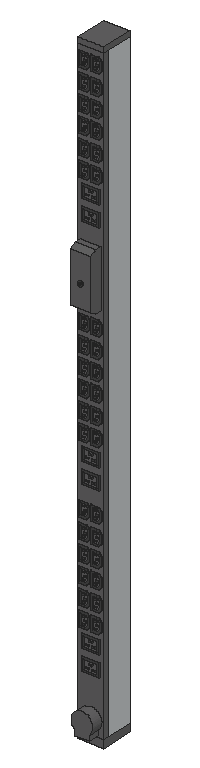
Revit family "PDU básico con amperímetro", category Installations électriques, Revit 2020
Family settings
  Conserver l'orientation des annotations = Non
  Cote de connecteur circulaire = Utiliser le diamètre
  Type d'élément = Normal
  Numéro OmniClass = 23.80.00.00
  Titre OmniClass = Electric Power and Lighting
  Basée sur le plan de construction = Non
  Toujours verticalement = Oui
  Couper avec des vides une fois chargée = Non
  Partagée = Non
  Point de calcul de pièce = Non
Parameters (values of type "PDU HD 0U LPM 3P 16A 36xC13+6xC19")
  Tipo de tensión = "AC"  # constant formula
  Tipo de conexión eléctrica = "CEE 16 A"
  Sección de cable MIN_MAX = "2.5-2.5"
  Programación = "Non applicable"
  Profundidad (mm) = 92.4 mm
  Profondeur cuve + capot = 65 mm
  Prise_alimentation = Alimentation : Prise rotative
  Número de tomas C19 = 6
  Número de tomas C13 = 36
  Número de pieza Legrand = "LG-646970"
  Número de fases = 3
  Número de disyuntores = 0
  Numero RAL = "9017"  # constant formula
  Marcaje = yes
  Longitud = 1248 mm
  IP = "IP20"
  Función = "Unidad DE DISTRIBUTION D'ENERGIE"  # constant formula
  Frecuencia eléctrica = "50-50"  # constant formula
  Formulación BIM = "Linkeo DATA CENTER BASIC PDU"  # constant formula
  Fabricant = "LEGRAND"  # constant formula
  Elévation par défaut = 0 mm
  EAN = "3414972471442"
  E-catalogo enlace = "https://www.legrand.fr/reference/646970/pro"
  Dirección de montaje = "Vertical"
  Description = "PDU HD BASIC 0U LPM 3 PHASE 16A , 36+6 C13/C19  LOCKING OUTLETS , IEC 60309"
  Corriente de alimentación = "16-16"
  Consumo pasivo = 71 mA
  Conectable con internet box = no
  Color = "Negro"  # constant formula
  Clase de aplicación = "EC002762"  # constant formula
  Anchura (mm) = 52 mm
  646170 = yes
  646166 = no
Types (2, lengths in mm): name | Tipo de conexión eléctrica | Sección de cable MIN_MAX | Profundidad (mm) | Profondeur cuve + capot | Número de tomas C19 | Número de tomas C13 | Número de pieza Legrand | Número de fases | Número de disyuntores | Longitud | EAN | E-catalogo enlace | Description | Corriente de alimentación | Consumo pasivo | Anchura (mm) | 646170 | 646166
  PDU 0U LPM 1P 32A 20xC13+4xC19 | "CEE 32 A" | "6-6" | 84.9 | 57.8 | 4 | 20 | "LG-646966" | 1 | 2 | 1227 | "3414972471435" | "https://www.legrand.fr/reference/646966/pro" | "PDU BASIC 0U LPM 1 PHASE 32A , 20+4 C13/C19 LOCKING OUTLETS , IEC 60309" | "32-32" | 37 mA | 44.3 | no | yes
  PDU HD 0U LPM 3P 16A 36xC13+6xC19 | "CEE 16 A" | "2.5-2.5" | 92.4 | 65 | 6 | 36 | "LG-646970" | 3 | 0 | 1248 | "3414972471442" | "https://www.legrand.fr/reference/646970/pro" | "PDU HD BASIC 0U LPM 3 PHASE 16A , 36+6 C13/C19  LOCKING OUTLETS , IEC 60309" | "16-16" | 71 mA | 52 | yes | no
Reference planes
  plane 1 "Centre (avant/arrière)": y = 0
  plane 2: z = 0
  plane 3 "Centre (gauche/droite)": x = 0
  plane 4: x = -26
  plane 5: x = 26
  plane 6: y = -65
  plane 7: z = 1248
  plane 8: y = -55
  plane 9: z = 1237
  plane 10: z = 15
Forms (mm)
  Extrusion 1, solid, material "LEGRAND - Noir 9017"
    sketch origin (0, 0, 0) x (1, 0, 0) y (0, 1, 0)
      loop
        line (-26, 0) -> (-26, -65) -> (26, -65) -> (26, 0) -> (-26, 0)
    from 0 to 15
  Extrusion 2, solid, material "LEGRAND - Inox"
    sketch origin (0, 0, 0) x (1, 0, 0) y (0, 1, 0)
      loop
        line (-26, 0) -> (-26, -55) -> (26, -55) -> (26, 0) -> (-26, 0)
    from 15 to 1237
  Extrusion 3, solid, material "LEGRAND - Noir 9017"
    sketch origin (0, 0, 0) x (1, 0, 0) y (0, 1, 0)
      loop
        line (-26, -55) -> (-26, -65) -> (26, -65) -> (26, -55) -> (-26, -55)
    from 15 to 1237
  Extrusion 4, solid, material "LEGRAND - Noir 9017"
    sketch origin (0, 0, 0) x (1, 0, 0) y (0, 1, 0)
      loop
        line (-26, 0) -> (-26, -65) -> (26, -65) -> (26, 0) -> (-26, 0)
    from 1237 to 1248
Dimensions and locks
  equal spacing: plane 5, plane 3 "Centre (gauche/droite)", plane 4
  "Anchura (mm)": plane 5 to plane 4
  "Profondeur cuve + capot": plane 6 to plane 1 "Centre (avant/arrière)"
  locked: plane 8 to plane 6 at 10
  locked: plane 7 to plane 9 at 11
  locked: plane 10 to plane 2 at 15
  "Longitud": plane 7 to plane 2
  aligned and locked: level to plane 2
  aligned and locked: plane 1 "Centre (avant/arrière)" to Extrusion 1 sketch curve
  aligned and locked: Extrusion 1 sketch curve to plane 5
  aligned and locked: plane 4 to Extrusion 1 sketch curve
  aligned and locked: plane 1 "Centre (avant/arrière)" to Extrusion 2 sketch curve
  aligned and locked: Extrusion 2 sketch curve to plane 5
  aligned and locked: plane 8 to Extrusion 2 sketch curve
  aligned and locked: plane 4 to Extrusion 2 sketch curve
  aligned and locked: plane 9 to Extrusion 2
  aligned and locked: plane 4 to Extrusion 3 sketch curve
  aligned and locked: Extrusion 3 sketch curve to plane 5
  aligned and locked: Extrusion 3 sketch curve to plane 8
  aligned and locked: plane 6 to Extrusion 3 sketch curve
  aligned and locked: plane 9 to Extrusion 3
  aligned and locked: plane 6 to Extrusion 1 sketch curve
  aligned and locked: plane 1 "Centre (avant/arrière)" to Extrusion 4 sketch curve
  aligned and locked: Extrusion 4 sketch curve to plane 5
  aligned and locked: plane 6 to Extrusion 4 sketch curve
  aligned and locked: plane 4 to Extrusion 4 sketch curve
  aligned and locked: plane 7 to Extrusion 4
  aligned and locked: Extrusion 4 to plane 9
  aligned and locked: nested 1 to plane 6
  aligned and locked: plane 3 "Centre (gauche/droite)" to nested 1
  aligned and locked: Extrusion 3 to plane 10
  aligned and locked: plane 10 to Extrusion 1
  aligned and locked: Extrusion 1 to plane 2
  aligned and locked: Extrusion 2 to plane 10
  aligned and locked: nested 2 to plane 6
  aligned and locked: plane 3 "Centre (gauche/droite)" to nested 2
Nested families
  nested 1: "Basic PDU with Local Power Meter_Prises" at (0, -65, 0), type "Basic PDU with Local Power Meter_Prises", detail levels fine
  nested 2: "Alimentation" at (0, -65, 0), type <- "Prise_alimentation", type "Prise rotative"
Connectors
  electrical at (0, -32.5, 0)
    settings: on Extrusion 1, index 1, voltage 0 V, apparent load 0 VA, apparent load phase1 0 VA, apparent load phase2 0 VA, apparent load phase3 0 VA, power factor 1, load classification "Autre", number of poles 1, system type 31, power factor state 1, is connector primary yes, connector utility no, sub classification motor no, connector description ""
Definition of nested family "Basic PDU with Local Power Meter_Prises"
  Parameters (values of type "Basic PDU with Local Power Meter_Prises")
    Default Elevation = 0 mm
    646166 = no
    646170 = yes
  Reference planes
    plane 1 "Centre (avant/arrière)": y = 0
    plane 2: z = 0
    plane 3 "Centre (gauche/droite)": x = 0
    plane 4: x = -22.15
    plane 5: x = 22.15
    plane 6: x = 26
    plane 7: x = -26
  Lines and regions (mm)
    model lines, visible <- "646166"
      curve 1: line (22.15, 0, 1146.867) -> (-22.15, 0, 1146.867)
      curve 2: line (22.151, 0, 1080.666) -> (-22.149, 0, 1080.666)
      curve 3: line (22.151, 0, 982.09) -> (-22.149, 0, 982.09)
      curve 4: line (22.151, 0, 883.499) -> (-22.149, 0, 883.499)
      curve 5: line (22.151, 0, 784.923) -> (-22.149, 0, 784.923)
      curve 6: line (22.151, 0, 799.166) -> (-22.149, 0, 799.166)
      curve 7: line (22.151, 0, 649.923) -> (-22.149, 0, 649.923)
      curve 8: line (22.151, 0, 583.588) -> (-22.149, 0, 583.588)
      curve 9: line (22.151, 0, 517.387) -> (-22.149, 0, 517.387)
      curve 10: line (22.152, 0, 418.81) -> (-22.148, 0, 418.81)
      curve 11: line (22.152, 0, 320.22) -> (-22.148, 0, 320.22)
      curve 12: line (22.152, 0, 235.887) -> (-22.148, 0, 235.887)
      curve 13: line (22.152, 0, 115.667) -> (-22.148, 0, 115.667)
      curve 14: line (22.152, 0, 70.667) -> (-22.148, 0, 70.667)
      curve 15: line (22.152, 0, 220.979) -> (-22.148, 0, 220.979)
    model lines, visible <- "646170"
      curve 16: line (26, 0, 1116.371) -> (-26, 0, 1116.371)
      curve 17: line (26, 0, 998.885) -> (-26, 0, 998.885)
      curve 18: line (26, 0, 915.471) -> (-26, 0, 915.471)
      curve 19: line (26, 0, 900.471) -> (-26, 0, 900.471)
      curve 20: line (26, 0, 766.355) -> (-26, 0, 766.355)
      curve 21: line (26, 0, 648.869) -> (-26, 0, 648.869)
      curve 22: line (26, 0, 531.382) -> (-26, 0, 531.382)
      curve 23: line (26, 0, 447.968) -> (-26, 0, 447.968)
      curve 24: line (26, 0, 433.404) -> (-26, 0, 433.404)
      curve 25: line (26, 0, 315.917) -> (-26, 0, 315.917)
      curve 26: line (26, 0, 198.431) -> (-26, 0, 198.431)
      curve 27: line (26, 0, 115.017) -> (-26, 0, 115.017)
      curve 28: line (26, 0, 70.667) -> (-26, 0, 70.667)
  Dimensions and locks
    equal spacing: plane 5, plane 3 "Centre (gauche/droite)", plane 4
    locked: plane 5 to plane 4 at 44.3
    equal spacing: plane 6, plane 3 "Centre (gauche/droite)", plane 7
    plane 7 to plane 6 = 52 mm
    aligned and locked: level to plane 2
  Automatic sketch dimensions
    plane 7 to curve 28 = 0 mm
    plane 7 to curve 16 = 0 mm
    plane 7 to curve 27 = 0 mm
    plane 7 to curve 17 = 0 mm
    plane 7 to curve 26 = 0 mm
    plane 7 to curve 18 = 0 mm
    plane 7 to curve 25 = 0 mm
    plane 7 to curve 19 = 0 mm
    plane 7 to curve 24 = 0 mm
    plane 7 to curve 20 = 0 mm
    plane 7 to curve 23 = 0 mm
    plane 7 to curve 21 = 0 mm
    plane 7 to curve 22 = 0 mm
    curve 1 to plane 4 = 0 mm
    curve 1 to plane 5 = 0 mm
    curve 21 to plane 6 = 0 mm
    curve 23 to plane 6 = 0 mm
    curve 20 to plane 6 = 0 mm
    curve 24 to plane 6 = 0 mm
    curve 19 to plane 6 = 0 mm
    curve 25 to plane 6 = 0 mm
    curve 18 to plane 6 = 0 mm
    curve 26 to plane 6 = 0 mm
    curve 17 to plane 6 = 0 mm
    curve 27 to plane 6 = 0 mm
    curve 16 to plane 6 = 0 mm
    curve 28 to plane 6 = 0 mm
    curve 22 to plane 6 = 0 mm
    level to curve 28 = 70.667 mm
    plane 4 to curve 8 = 0.001 mm
    plane 4 to curve 2 = 0.001 mm
    plane 4 to curve 9 = 0.001 mm
    plane 4 to curve 4 = 0.001 mm
    plane 4 to curve 5 = 0.001 mm
    plane 4 to curve 6 = 0.001 mm
    plane 4 to curve 3 = 0.001 mm
    plane 4 to curve 7 = 0.001 mm
    plane 4 to curve 12 = 0.002 mm
    plane 4 to curve 10 = 0.002 mm
    plane 4 to curve 13 = 0.002 mm
    plane 4 to curve 15 = 0.002 mm
    plane 4 to curve 14 = 0.002 mm
    plane 4 to curve 11 = 0.002 mm
    plane 5 to curve 2 = 0.001 mm
    plane 5 to curve 8 = 0.001 mm
    plane 5 to curve 9 = 0.001 mm
    plane 5 to curve 3 = 0.001 mm
    plane 5 to curve 6 = 0.001 mm
    plane 5 to curve 4 = 0.001 mm
    plane 5 to curve 7 = 0.001 mm
    plane 5 to curve 5 = 0.001 mm
    plane 5 to curve 12 = 0.002 mm
    plane 5 to curve 13 = 0.002 mm
    plane 5 to curve 11 = 0.002 mm
    plane 5 to curve 10 = 0.002 mm
    plane 5 to curve 14 = 0.002 mm
    plane 5 to curve 15 = 0.002 mm
    curve 14 to curve 28 = 0 mm
    curve 28 to curve 27 = 44.35 mm
    curve 27 to curve 13 = 0.65 mm
    curve 13 to curve 26 = 82.764 mm
    curve 26 to curve 15 = 22.548 mm
    curve 15 to curve 12 = 14.908 mm
    curve 12 to curve 25 = 80.03 mm
    curve 25 to curve 11 = 4.303 mm
    curve 11 to curve 10 = 98.59 mm
    curve 10 to curve 24 = 14.593 mm
    curve 24 to curve 23 = 14.565 mm
    curve 23 to curve 9 = 69.419 mm
    curve 9 to curve 22 = 13.995 mm
    curve 22 to curve 8 = 52.206 mm
    curve 8 to curve 21 = 65.28 mm
    curve 21 to curve 7 = 1.054 mm
    curve 7 to curve 20 = 116.432 mm
    curve 20 to curve 5 = 18.568 mm
    curve 5 to curve 6 = 14.244 mm
    curve 6 to curve 4 = 84.333 mm
    curve 4 to curve 19 = 16.972 mm
    curve 19 to curve 18 = 15 mm
    curve 18 to curve 3 = 66.619 mm
    curve 3 to curve 17 = 16.795 mm
    curve 17 to curve 2 = 81.781 mm
    curve 2 to curve 16 = 35.705 mm
    curve 16 to curve 1 = 30.496 mm
  Nested families
    nested 1: "Prise ronde simple" at (0, 0, 1192.879), visible <- "646166", type "Prise ronde simple"
    nested 2: "Prise ronde simple" at (0, 0, 1160.504), visible <- "646166", type "Prise ronde simple"
    nested 3: "Prise ronde simple" at (0.001, 0, 1126.678), visible <- "646166", type "Prise ronde simple"
    nested 4: "Prise ronde simple" at (0.001, 0, 1094.303), visible <- "646166", type "Prise ronde simple"
    nested 5: "Prise ronde simple" at (0.001, 0, 1060.477), visible <- "646166", type "Prise ronde simple"
    nested 6: "Prise ronde simple" at (0.001, 0, 1028.101), visible <- "646166", type "Prise ronde simple"
    nested 7: "Prise ronde simple" at (0.001, 0, 995.726), visible <- "646166", type "Prise ronde simple"
    nested 8: "Prise ronde simple" at (0.001, 0, 961.887), visible <- "646166", type "Prise ronde simple"
    nested 9: "Prise ronde simple" at (0.001, 0, 929.511), visible <- "646166", type "Prise ronde simple"
    nested 10: "Prise ronde simple" at (0.001, 0, 897.136), visible <- "646166", type "Prise ronde simple"
    nested 11: "Prise rectangulaire" at (0.001, 0, 861.435), visible <- "646166", type "Prise rectangulaire"
    nested 12: "Prise rectangulaire" at (0.001, 0, 818.935), visible <- "646166", type "Prise rectangulaire"
    nested 13: "Prise ronde simple" at (0.001, 0, 629.6), visible <- "646166", type "Prise ronde simple"
    nested 14: "Prise ronde simple" at (0.001, 0, 597.225), visible <- "646166", type "Prise ronde simple"
    nested 15: "Prise ronde simple" at (0.001, 0, 563.399), visible <- "646166", type "Prise ronde simple"
    nested 16: "Prise ronde simple" at (0.001, 0, 531.023), visible <- "646166", type "Prise ronde simple"
    nested 17: "Prise ronde simple" at (0.002, 0, 497.197), visible <- "646166", type "Prise ronde simple"
    nested 18: "Prise ronde simple" at (0.002, 0, 464.822), visible <- "646166", type "Prise ronde simple"
    nested 19: "Prise ronde simple" at (0.002, 0, 432.447), visible <- "646166", type "Prise ronde simple"
    nested 20: "Prise ronde simple" at (0.002, 0, 398.607), visible <- "646166", type "Prise ronde simple"
    nested 21: "Prise ronde simple" at (0.002, 0, 366.232), visible <- "646166", type "Prise ronde simple"
    nested 22: "Prise ronde simple" at (0.002, 0, 333.857), visible <- "646166", type "Prise ronde simple"
    nested 23: "Prise rectangulaire" at (0.002, 0, 298.156), visible <- "646166", type "Prise rectangulaire"
    nested 24: "Prise rectangulaire" at (0.002, 0, 255.656), visible <- "646166", type "Prise rectangulaire"
    nested 25: "Module A" at (0.002, 0, 129.224), visible <- "646166", type "Module A"
    nested 26: "Prise ronde double" at (0.002, 0, 1211.014), visible <- "646170", type "Prise ronde double"
    nested 27: "Prise ronde double" at (0.002, 0, 1171.014), visible <- "646170", type "Prise ronde double"
    nested 28: "Prise ronde double" at (0.002, 0, 1132.02), visible <- "646170", type "Prise ronde double"
    nested 29: "Prise ronde double" at (0.002, 0, 1093.528), visible <- "646170", type "Prise ronde double"
    nested 30: "Prise ronde double" at (0.002, 0, 1053.528), visible <- "646170", type "Prise ronde double"
    nested 31: "Prise ronde double" at (0.002, 0, 1014.534), visible <- "646170", type "Prise ronde double"
    nested 32: "Prise rectangulaire" at (0.002, 0, 977.292), visible <- "646170", type "Prise rectangulaire"
    nested 33: "Prise rectangulaire" at (0.002, 0, 936.042), visible <- "646170", type "Prise rectangulaire"
    nested 34: "Prise ronde double" at (0.002, 0, 743.512), visible <- "646170", type "Prise ronde double"
    nested 35: "Prise ronde double" at (0.002, 0, 703.512), visible <- "646170", type "Prise ronde double"
    nested 36: "Prise ronde double" at (0.002, 0, 664.518), visible <- "646170", type "Prise ronde double"
    nested 37: "Prise ronde double" at (0.002, 0, 626.026), visible <- "646170", type "Prise ronde double"
    nested 38: "Prise ronde double" at (0.002, 0, 586.026), visible <- "646170", type "Prise ronde double"
    nested 39: "Prise ronde double" at (0.002, 0, 547.032), visible <- "646170", type "Prise ronde double"
    nested 40: "Prise rectangulaire" at (0.002, 0, 509.79), visible <- "646170", type "Prise rectangulaire"
    nested 41: "Prise rectangulaire" at (0.002, 0, 468.539), visible <- "646170", type "Prise rectangulaire"
    nested 42: "Prise ronde double" at (0.002, 0, 410.561), visible <- "646170", type "Prise ronde double"
    nested 43: "Prise ronde double" at (0.002, 0, 370.561), visible <- "646170", type "Prise ronde double"
    nested 44: "Prise ronde double" at (0.002, 0, 331.567), visible <- "646170", type "Prise ronde double"
    nested 45: "Prise ronde double" at (0.002, 0, 293.075), visible <- "646170", type "Prise ronde double"
    nested 46: "Prise ronde double" at (0.002, 0, 253.075), visible <- "646170", type "Prise ronde double"
    nested 47: "Prise ronde double" at (0.002, 0, 214.08), visible <- "646170", type "Prise ronde double"
    nested 48: "Prise rectangulaire" at (0.002, 0, 176.838), visible <- "646170", type "Prise rectangulaire"
    nested 49: "Prise rectangulaire" at (0.002, 0, 135.588), visible <- "646170", type "Prise rectangulaire"
    nested 50: "Module E" at (0.002, 0, 775.574), visible <- "646170", type "Module E"
    nested 51: "Module E" at (0, 0, 659.347), visible <- "646166", type "Module E"
  Definition of nested family "Prise ronde simple"
    Parameters (values of type "Prise ronde simple")
      Default Elevation = 0 mm
    Reference planes
      plane 1 "Centre (avant/arrière)": y = 0
      plane 2: z = 0
      plane 3 "Centre (gauche/droite)": x = 0
    Forms (mm)
      Extrusion 1, solid
        sketch origin (0, 0, -932.082) x (1, 0, 0) y (0, 0, 1)
          loop
            line (-14.802, 936.843) -> (-14.802, 921.277) -> (14.802, 921.277) -> (14.802, 936.84) -> (8.758, 942.883) -> (-8.761, 942.883) -> (-14.802, 936.843)
          loop
            line (-11.433, 924.249) -> (11.43, 924.249) -> (11.43, 934.387) -> (5.608, 939.911) -> (-5.611, 939.911) -> (-11.433, 934.387) -> (-11.433, 924.249)
          loop
            line (-5.68, 927.459) -> (-5.68, 932.702) -> (-8.323, 932.702) -> (-8.323, 927.459) -> (-5.68, 927.459)
          loop
            line (-1.323, 936.702) -> (-1.323, 931.459) -> (1.32, 931.459) -> (1.32, 936.702) -> (-1.323, 936.702)
          loop
            line (5.677, 932.702) -> (5.677, 927.459) -> (8.32, 927.459) -> (8.32, 932.702) -> (5.677, 932.702)
        from 0 to 1
    Dimensions and locks
      aligned and locked: level to plane 2
  Definition of nested family "Prise rectangulaire"
    Parameters (values of type "Prise rectangulaire")
      Default Elevation = 0 mm
    Reference planes
      plane 1 "Centre (avant/arrière)": y = 0
      plane 2: z = 0
      plane 3 "Centre (gauche/droite)": x = 0
    Forms (mm)
      Extrusion 1, solid
        sketch origin (0, 0, -815.082) x (1, 0, 0) y (0, 0, 1)
          loop
            line (17.311, 828.382) -> (-17.289, 828.382) -> (-17.289, 801.782) -> (17.311, 801.782) -> (17.311, 828.382)
          loop
            line (-13.932, 825.425) -> (-13.932, 804.739) -> (13.954, 804.739) -> (13.954, 825.425) -> (-13.932, 825.425)
          loop
            line (3.636, 820.407) -> (-3.614, 820.407) -> (-3.614, 817.757) -> (3.636, 817.757) -> (3.636, 820.407)
          loop
            line (9.636, 812.407) -> (3.386, 812.407) -> (3.386, 809.757) -> (9.636, 809.757) -> (9.636, 812.407)
          loop
            line (-3.364, 812.407) -> (-9.614, 812.407) -> (-9.614, 809.757) -> (-3.364, 809.757) -> (-3.364, 812.407)
        from 0 to 1
    Dimensions and locks
      aligned and locked: level to plane 2
  Definition of nested family "Module A"
    Parameters (values of type "Module A")
      Largeur = 44.3 mm
      Default Elevation = 0 mm
    Reference planes
      plane 1 "Centre (avant/arrière)": y = 0
      plane 2: z = 0
      plane 3 "Centre (gauche/droite)": x = 0
      plane 4: x = -22.15
      plane 5: x = 22.15
    Forms (mm)
      Extrusion 1, solid
        sketch origin (0, 0, -3.309) x (0, 1, 0) y (0, 0, 1)
          loop
            line (-15.1, 90.248) -> (-15.1, 3.572) -> (0, 3.309) -> (0, 90.512) -> (-15.1, 90.248)
        from -22.15 to 22.15
      Extrusion 2, solid
        sketch origin (0, -15.1, 85.948) x (0, 0, -1) y (1, 0, 0)
          loop
            line (56.318, -12.403) -> (58.095, -12.403) -> (58.095, -7.069) -> (56.318, -7.069) -> (56.318, -12.403)
          loop
            line (56.318, 6.778) -> (58.095, 6.778) -> (58.095, 12.112) -> (56.318, 12.112) -> (56.318, 6.778)
        from -0.7 to 0.3
    Lines and regions (mm)
      model lines
        curve 1: line (-19.081, -15.1, 54.532) -> (18.901, -15.1, 54.532)
        curve 2: line (-19.081, -15.1, 23.069) -> (-19.081, -15.1, 54.532)
        curve 3: line (18.901, -15.1, 23.069) -> (-19.081, -15.1, 23.069)
        curve 4: line (18.901, -15.1, 54.532) -> (18.901, -15.1, 23.069)
        curve 5: line (0, -15.1, 54.532) -> (0, -15.1, 23.069)
        curve 6: line (-17.504, -15.1, 52.965) -> (-17.504, -15.1, 39.123)
        curve 7: line (-1.863, -15.1, 39.123) -> (-17.504, -15.1, 39.123)
        curve 8: line (1.672, -15.1, 52.965) -> (1.672, -15.1, 39.123)
        curve 9: line (17.324, -15.1, 39.123) -> (1.672, -15.1, 39.123)
        curve 10: line (-12.403, -15.1, 29.63) -> (-7.069, -15.1, 29.63)
        curve 11: line (-12.403, -15.1, 27.852) -> (-12.403, -15.1, 29.63)
        curve 12: line (-7.069, -15.1, 27.852) -> (-12.403, -15.1, 27.852)
        curve 13: line (-7.069, -15.1, 29.63) -> (-7.069, -15.1, 27.852)
        curve 14: line (6.778, -15.1, 29.63) -> (12.112, -15.1, 29.63)
        curve 15: line (6.778, -15.1, 27.852) -> (6.778, -15.1, 29.63)
        curve 16: line (12.112, -15.1, 27.852) -> (6.778, -15.1, 27.852)
        curve 17: line (12.112, -15.1, 29.63) -> (12.112, -15.1, 27.852)
    Dimensions and locks
      plane 5 to plane 3 "Centre (gauche/droite)" to plane 4 = 22.15 mm, 22.15 mm
      "Largeur": plane 5 to plane 4
      aligned and locked: level to plane 2
      aligned and locked: Extrusion 1 to plane 4
      aligned and locked: plane 5 to Extrusion 1
    Automatic sketch dimensions
      Extrusion 1 sketch curve to plane 1 "Centre (avant/arrière)" = 0 mm
      level to Extrusion 1 sketch curve = 0 mm
      plane 1 "Centre (avant/arrière)" to Extrusion 1 sketch curve = 15.1 mm
      level to Extrusion 1 sketch curve = 0.264 mm
      Extrusion 1 sketch curve to Extrusion 1 sketch curve = 0.264 mm
      Extrusion 1 to curve 1 = 3.249 mm
      Extrusion 1 to curve 1 = 32.408 mm
      curve 5 to curve 9 = 15.409 mm
      Extrusion 1 to curve 7 = 4.646 mm
      curve 1 to curve 7 = 15.409 mm
      curve 9 to curve 14 = 9.493 mm
      curve 7 to curve 13 = 9.493 mm
      curve 10 to curve 12 = 1.778 mm
      curve 14 to curve 17 = 1.778 mm
      curve 16 to curve 3 = 4.783 mm
      curve 1 to curve 6 = 1.577 mm
      curve 2 to curve 11 = 6.678 mm
      curve 10 to curve 13 = 5.334 mm
      curve 10 to curve 9 = 8.741 mm
      curve 8 to curve 14 = 5.106 mm
      curve 15 to curve 16 = 5.334 mm
      curve 1 to curve 6 = 1.566 mm
      curve 5 to curve 8 = 1.566 mm
      curve 7 to curve 8 = 3.535 mm
      curve 5 to curve 15 = 6.778 mm
      Extrusion 1 to curve 9 = 4.826 mm
      Extrusion 1 sketch curve to Extrusion 1 sketch curve = 86.676 mm
      Extrusion 1 to Extrusion 2 sketch curve = 9.747 mm
      Extrusion 1 to Extrusion 2 sketch curve = 29.367 mm
      Extrusion 2 sketch curve to Extrusion 2 sketch curve = 0 mm
      Extrusion 2 sketch curve to Extrusion 2 sketch curve = 1.778 mm  (x2)
      Extrusion 2 sketch curve to Extrusion 2 sketch curve = 5.334 mm  (x2)
      Extrusion 2 sketch curve to Extrusion 2 sketch curve = 13.848 mm
  Definition of nested family "Prise ronde double"
    Parameters (values of type "Prise ronde double")
      Default Elevation = 0 mm
    Reference planes
      plane 1 "Centre (avant/arrière)": y = 0
      plane 2: z = 0
      plane 3 "Centre (gauche/droite)": x = 0
    Forms (mm)
      Extrusion 1, solid
        sketch origin (0, 0, -932.082) x (1, 0, 0) y (0, 0, 1)
          loop
            line (-7.233, 946.882) -> (-22.8, 946.882) -> (-22.8, 917.279) -> (-7.237, 917.279) -> (-1.193, 923.322) -> (-1.193, 940.842) -> (-7.233, 946.882)
          loop
            line (-19.828, 943.513) -> (-19.828, 920.651) -> (-9.69, 920.651) -> (-4.165, 926.473) -> (-4.165, 937.691) -> (-9.69, 943.513) -> (-19.828, 943.513)
          loop
            line (-16.618, 937.76) -> (-11.375, 937.76) -> (-11.375, 940.403) -> (-16.618, 940.403) -> (-16.618, 937.76)
          loop
            line (-7.375, 933.403) -> (-12.618, 933.403) -> (-12.618, 930.76) -> (-7.375, 930.76) -> (-7.375, 933.403)
          loop
            line (-11.375, 926.403) -> (-16.618, 926.403) -> (-16.618, 923.76) -> (-11.375, 923.76) -> (-11.375, 926.403)
          loop
            line (16.76, 946.882) -> (1.194, 946.882) -> (1.194, 917.279) -> (16.757, 917.279) -> (22.8, 923.322) -> (22.8, 940.842) -> (16.76, 946.882)
          loop
            line (4.166, 943.513) -> (4.166, 920.651) -> (14.303, 920.651) -> (19.828, 926.473) -> (19.828, 937.691) -> (14.303, 943.513) -> (4.166, 943.513)
          loop
            line (7.375, 937.76) -> (12.618, 937.76) -> (12.618, 940.403) -> (7.375, 940.403) -> (7.375, 937.76)
          loop
            line (16.618, 933.403) -> (11.375, 933.403) -> (11.375, 930.76) -> (16.618, 930.76) -> (16.618, 933.403)
          loop
            line (12.618, 926.403) -> (7.375, 926.403) -> (7.375, 923.76) -> (12.618, 923.76) -> (12.618, 926.403)
        from 0 to 1
    Dimensions and locks
      aligned and locked: level to plane 2
  Definition of nested family "Module E"
    Parameters (values of type "Module E")
      Largeur = 44.3 mm
      Default Elevation = 0 mm
    Reference planes
      plane 1 "Centre (avant/arrière)": y = 0
      plane 2: z = 0
      plane 3 "Centre (gauche/droite)": x = 0
      plane 4: x = -22.15
      plane 5: x = 22.15
    Forms (mm)
      Extrusion 1, solid
        sketch origin (0, 0, -3.309) x (0, 1, 0) y (0, 0, 1)
          loop
            line (-25.099, 110.574) -> (-25.099, 10.983) -> (-12.725, 3.309) -> (0, 3.309) -> (0, 118.249) -> (-12.725, 118.249) -> (-25.099, 110.574)
        from -19.653 to 19.639
      Extrusion 2, solid
        sketch origin (4.012, -25.099, 89.404) x (0, 0, -1) y (1, 0, 0)
          loop
            circle (36.826, -4.012) r 2.5
          loop
            circle (36.826, -4.012) r 5
          loop
            circle (36.826, -4.012) r 0.832
        from -0.7 to 0.3
    Lines and regions (mm)
      Split face 1
        outline origin (0, -25.099, 98.503) x (0, 0, -1) y (1, 0, 0)
          loop
            line (2.722, -15.293) -> (33.112, -15.293) -> (33.112, 15.293) -> (2.722, 15.293) -> (2.722, -15.293)
    Dimensions and locks
      plane 5 to plane 4 = 44.3 mm
      equal spacing: plane 5, plane 3 "Centre (gauche/droite)", plane 4
      aligned and locked: level to plane 2
    Automatic sketch dimensions
      Extrusion 1 sketch curve to level = 0 mm
      Extrusion 1 sketch curve to plane 1 "Centre (avant/arrière)" = 0 mm
      Extrusion 1 sketch curve to Extrusion 1 sketch curve = 12.725 mm  (x2)
      level to Extrusion 1 sketch curve = 7.675 mm
      Extrusion 1 sketch curve to Extrusion 1 sketch curve = 12.373 mm
      Extrusion 1 sketch curve to Extrusion 1 sketch curve = 99.59 mm
      Extrusion 1 sketch curve to Extrusion 1 sketch curve = 7.675 mm
      Extrusion 2 sketch curve to Extrusion 2 sketch curve = 0 mm  (x6)
      Extrusion 1 to Extrusion 2 sketch curve = 19.639 mm
      Extrusion 2 sketch curve to Extrusion 1 = 44.903 mm
      Split face 1 sketch curve to Extrusion 1 = 4.345 mm
      Split face 1 sketch curve to Extrusion 1 = 11.484 mm
      Split face 1 sketch curve to Extrusion 1 = 4.359 mm
      Split face 1 sketch curve to Split face 1 sketch curve = 30.389 mm
      radius of Extrusion 2 sketch curve = 2.5 mm
      radius of Extrusion 2 sketch curve = 5 mm
      radius of Extrusion 2 sketch curve = 0.832 mm
Definition of nested family "Alimentation"
  Parameters (values of type "Prise rectangulaire")
    Prise rotative = no
    Prise rectangulaire = yes
    Default Elevation = 0 mm
  Types (2, lengths in mm): name | Prise rotative | Prise rectangulaire
    Prise rotative | yes | no
    Prise rectangulaire | no | yes
  Reference planes
    plane 1 "Centre (avant/arrière)": y = 0
    plane 2: z = 0
    plane 3 "Centre (gauche/droite)": x = 0
    plane 4: x = -22.15
    plane 5: x = 22.15
  Forms (mm)
    Extrusion 1, solid, visible <- "Prise rectangulaire", detail levels fine
      sketch origin (0, 0, 0) x (1, 0, 0) y (0, 0, 1)
        loop
          line (-14.8, 50.167) -> (-14.8, 28.667) -> (14.8, 28.667) -> (14.8, 50.167) -> (-14.8, 50.167)
        loop
          line (3.95, 36.417) -> (3.95, 34.417) -> (8.95, 34.417) -> (8.95, 36.417) -> (3.95, 36.417)
        loop
          line (-3.05, 44.417) -> (-3.05, 42.417) -> (2.95, 42.417) -> (2.95, 44.417) -> (-3.05, 44.417)
        loop
          line (-3.95, 36.417) -> (-8.95, 36.417) -> (-8.95, 34.417) -> (-3.95, 34.417) -> (-3.95, 36.417)
      from 0 to 1
    Extrusion 2, solid, visible <- "Prise rotative"
      sketch origin (0, 0, 0) x (1, 0, 0) y (0, 0, 1)
        loop
          arc (14.384, 28.145) -> (0, 65.582) -> (-14.384, 28.145) r 21.482
          line (-14.384, 28.145) -> (-14.384, 18.1) -> (14.384, 18.1) -> (14.384, 28.145)
      from 0 to 21.1
  Lines and regions (mm)
    model lines, visible <- "Prise rectangulaire", detail levels fine
      curve 1: line (-18.15, 0, 52.917) -> (18.15, 0, 52.917)
      curve 2: line (-18.15, 0, 25.917) -> (-18.15, 0, 52.917)
      curve 3: line (-18.15, 0, 25.917) -> (18.15, 0, 25.917)
      curve 4: line (18.15, 0, 25.917) -> (18.15, 0, 52.917)
    model lines, visible <- "Prise rotative", detail levels fine
      curve 5: arc (11.549, -21.1, 29.46) -> (0, -21.1, 62.746) -> (-11.549, -21.1, 29.46) r 18.646
      curve 6: line (-11.549, -21.1, 29.46) -> (-11.549, -21.1, 18.1)
      curve 7: line (11.549, -21.1, 29.46) -> (11.549, -21.1, 18.1)
  Dimensions and locks
    plane 5 to plane 3 "Centre (gauche/droite)" to plane 4 = 22.15 mm, 22.15 mm
    plane 5 to plane 4 = 44.3 mm
    aligned and locked: level to plane 2
